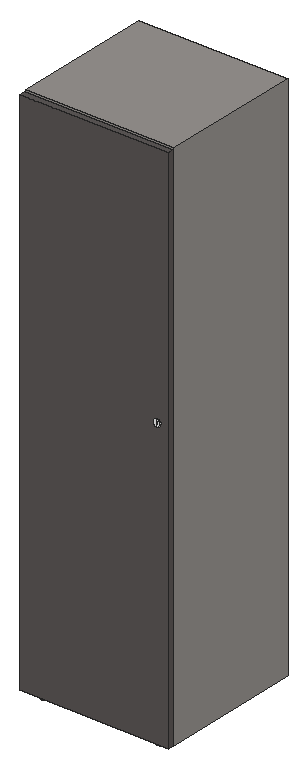
Revit family "Storage-Freestanding-Teknion-BFRL_Full_Solid_Door_Tower-R2018", category Furniture, Revit 2018
Family settings
  OmniClass Number = 23.40.70.14.64.21
  OmniClass Title = Systems Furniture
  Work Plane-Based = No
  Always vertical = Yes
  Cut with Voids When Loaded = No
  Shared = Yes
  Room Calculation Point = No
Parameters (values of type "18"w x 66"h")
  Warranty = "http://www.teknion.com/ca/papers/legal-canada"
  Wardrobe [instance] = not(or(Shelves, File Drawers and Shelves))  # no
  To render please download texture images found here [instance] = "https://assets.teknion.com/web/5e81352c1dfdb467/revit-material-swatches/"
  Shelves [instance] = yes
  Unit Weight URL = "http://www.teknion.com/pricing/expansion-casegoods/pdfs/wv.pdf"
  URL = "http://www.teknion.com/"
  Top Shelf Height Offset [instance] = if(Height = 66.000", 14.906", 16.986")  # 14.906"
  Sustainability Data = "http://www.teknion.com/about-teknion/environment/datasheets.asp"
  Series = "Expansion Casegoods"  # constant formula
  Product Page URL = "http://www.teknion.com/ca/products/product-details?productlineid=0053336e-8e7a-673b-a6c8-ff00004460c4"
  Product Line = "Expansion Casegoods"  # constant formula
  Product Documentation Link = "http://www.teknion.com/pricing/expansion-casegoods/pdfs/BFRL_ppg.pdf"
  Part Number = "BFRL"  # constant formula
  Note [instance] = "Available Depths are 18 and 24 inches."  # constant formula
  Model = "BFRL___1866_"
  Middle Shelf Visibility [instance] = or(File Drawers and Shelves, Shelves)  # yes
  Middle Shelf Height Offset [instance] = if(Height = 66.000", 14.846", 16.927")  # 14.846"
  Manufacturer Phone = "416-661-3370"
  Manufacturer Fax = "416.661.4586"
  Manufacturer Contact Information = "http://www.teknion.com/ca/contactus"
  Manufacturer Address = "1150 Flint Road, Toronto, ON. M3J 2J5. Canada"
  Manufacturer = "Teknion"  # constant formula
  Lock Height Offset [instance] = if(Height = 72.000", 33.722", 29.561")  # 29.561"
  How to Add Texture Images to your Revit Project [instance] = "https://assets.teknion.com/m/205dd0a49fa58060/original/How-to-add-a-Material-Library-and-Texture-Images-to-your-Revit-project.pdf"
  Height = 66.000"
  For Additional Finishes please visit [instance] = "https://assets.teknion.com/m/44a8009b046e5d47/original/Teknion_Materials_Library.zip"
  File Drawers and Shelves [instance] = no
  Door Front Finish [instance] = Veneer - Teknion - VB - Flintwood - Black Walnut
  Description = "Freestanding Tower with Full Solid Door, 18\"w, 66\"h"
  Depth [instance] = 18.000"
  Configurations Note [instance] = "Please select one of the following."  # constant formula
  Case Finish [instance] = Source Laminate - Teknion - DE - Latte
  Bottom Shelf Visibility [instance] = or(Shelves)  # yes
  Assembly Code = "E2020200"
  Actual Height = if(Height = 66.000", 65.165", 71.406")  # 65.165"
  Actual Depth [instance] = if(Depth = 18.000", 17.161", 23.161")  # 17.161"
Types (2): name | Top Shelf Height Offset | Model | Middle Shelf Height Offset | Lock Height Offset | Height | Description | Actual Height
  18"w x 66"h | 14.906" | "BFRL___1866_" | 14.846" | 29.561" | 66.000" | "Freestanding Tower with Full Solid Door, 18\"w, 66\"h" | 65.165"
  18"w x 72"h | 16.986" | "BFRL___1872_" | 16.927" | 33.722" | 72.000" | "Freestanding Tower with Full Solid Door, 18\"w, 72\"h" | 71.406"
Reference planes (in)
  plane 1 "Center F/B": y = 0.37429
  plane 2: z = 0
  plane 3 "Center L/R": x = 0
  plane 4 "Left": x = -8.955
  plane 5 "Right": x = 8.955
  plane 6 "Back": y = 8.95479
  plane 7 "Front": y = -8.20621
  plane 8 "Top": z = 65.165
  plane 9: z = 32.5825
  plane 10: y = -8.344
  plane 11: y = -9.04479
  plane 12: x = -8.25421
  plane 13: z = 2.49213
  plane 14: x = 8.25421
  plane 15: z = 64.46421
  plane 16: y = 8.254
  plane 17: z = 49.55821
  plane 18: z = 48.85743
  plane 19: z = 33.66096
  plane 20: z = 32.96017
  plane 21: z = 18.11417
  plane 22: z = 17.41339
Forms (in)
  Sweep 1, solid, material "Source Laminate - Teknion - DE - Latte" <- "Case Finish"
    path origin (0, 0.37429, 0) x (1, 0, 0) y (0, 0, 1)
      loop
        line (0, 0.60236) -> (0, 65.165)
    profile origin (0, 0.37429, 32.88368) x (-1, 0, 0) y (0, -1, 0)
      loop
        line (8.955, -8.5805) -> (8.955, 8.5805) -> (-8.955, 8.5805) -> (-8.955, -8.5805) -> (8.955, -8.5805)
  Sweep 2, solid, material "Metal - Teknion - C6 - Chrome"
    path origin (0, -9, 0) x (1, 0, 0) y (0, 0, 1)
      loop
        line (0, 0.60236) -> (0, 0)
    profile origin (0, -9, 0.30118) x (0, -1, 0) y (1, 0, 0)
      loop
        circle (-1.34556, -6.99292) r 0.5
      loop
        circle (-1.34556, 6.99292) r 0.5
      loop
        circle (-16.65862, -6.99292) r 0.5
      loop
        circle (-16.65862, 6.99292) r 0.5
  Extrusion 3, solid, material "Veneer - Teknion - VB - Flintwood - Black Walnut" <- "Door Front Finish"
    sketch origin (-8.955, -9.04479, 48) x (-1, 0, 0) y (0, 0, 1)
      loop
        line (0, -47.27953) -> (0, 17.04689) -> (-17.91, 17.04689) -> (-17.91, -47.27953) -> (0, -47.27953)
    from 0 to 0.70079
  Extrusion 4, void
    sketch origin (-8.955, -8.344, 48) x (1, 0, 0) y (0, 0, 1)
      loop
        line (0.70079, -45.50787) -> (17.20921, -45.50787) -> (17.20921, 16.46421) -> (0.70079, 16.46421) -> (0.70079, -45.50787)
    from -16.59801 to -0.1378
  Extrusion 5, solid, material "Source Laminate - Teknion - DE - Latte" <- "Case Finish"
    sketch origin (-8.955, -8.344, 48) x (-1, 0, 0) y (0, 0, 1)
      loop
        line (-17.20921, 1.55821) -> (-17.20921, 0.85743) -> (-0.70079, 0.85743) -> (-0.70079, 1.55821) -> (-17.20921, 1.55821)
    from 0.1378 to 16.59801
  Extrusion 6, solid, material "Source Laminate - Teknion - DE - Latte" <- "Case Finish", visible <- "Middle Shelf Visibility"
    sketch origin (-15.16421, -8.344, 31.00849) x (-1, 0, 0) y (0, 0, 1)
      loop
        line (-23.41843, 2.65247) -> (-23.41843, 1.95168) -> (-6.91, 1.95168) -> (-6.91, 2.65247) -> (-23.41843, 2.65247)
    from 0.1378 to 16.59801
  Extrusion 7, solid, material "Source Laminate - Teknion - DE - Latte" <- "Case Finish", visible <- "Bottom Shelf Visibility"
    sketch origin (-8.955, -8.344, 16.55496) x (-1, 0, 0) y (0, 0, 1)
      loop
        line (-17.20921, 1.55921) -> (-17.20921, 0.85843) -> (-0.70079, 0.85843) -> (-0.70079, 1.55921) -> (-17.20921, 1.55921)
    from 0.1378 to 16.59801
  Extrusion 8, solid, material "Mica - Teknion - V - Satin - Very White"
    sketch origin (-8.5613, -9.04479, 48) x (-1, 0, 0) y (0, 0, 1)
      loop
        line (-16.22693, -12.396) -> (-16.22693, -12.77002) -> (-16.1285, -12.77002) -> (-16.1285, -12.396) -> (-16.22693, -12.396)
      loop
        circle (-16.17772, -12.58301) r 0.4
    from 0 to -0.05906
  Extrusion 9, solid, material "Mica - Teknion - V - Satin - Very White", visible <- "File Drawers and Shelves"
    sketch origin (-8.5613, -9.18589, 48) x (-1, 0, 0) y (0, 0, 1)
      loop
        line (-0.30709, -30.58661) -> (-0.30709, -18.58661) -> (-16.81551, -18.58661) -> (-16.81551, -30.58661) -> (-0.30709, -30.58661)
      loop
        line (-0.30709, -44.08661) -> (-0.30709, -32.08661) -> (-16.81551, -32.08661) -> (-16.81551, -44.08661) -> (-0.30709, -44.08661)
    from 0.97969 to 1.68069
Cuts and joins
  Extrusion 4 cuts Sweep 1
Lines and regions (in)
  Masking region 1
    outline origin (0, 0, 65.165) x (-1, 0, 0) y (0, -1, 0)
      loop
        line (8.955, -8.95479) -> (8.955, 8.20621) -> (-8.955, 8.20621) -> (-8.955, -8.95479) -> (8.955, -8.95479)
  Masking region 2
    outline origin (0, 0, 0) x (1, 0, 0) y (0, 1, 0)
      loop
        line (-8.955, -8.344) -> (-8.955, -9.04479) -> (8.955, -9.04479) -> (8.955, -8.344) -> (-8.955, -8.344)
  symbolic lines, style "FurnitureHiddenLines"
    curve 1: line (8.89594, 0.37429, 65.04689) -> (-8.89595, 0.37429, 32.5825)
    curve 2: line (-8.89595, 0.37429, 32.5825) -> (8.89594, 0.37429, 1.5748)
  symbolic lines, style "FurnitureHiddenLines", detail levels medium+fine
    curve 3: line (8.5613, -8.344, 0) -> (8.5613, -9.04479, 0)
    curve 15: line (8.25421, 8.254, 0) -> (-8.25421, 8.254, 0)
    curve 16: line (8.25421, -8.20621, 0) -> (8.25421, 8.254, 0)
    curve 17: line (-8.25421, 8.254, 0) -> (-8.25421, -8.20621, 0)
  symbolic lines, style "FurnitureHiddenLines", detail levels fine
    curve 4: line (7.21642, -9.10385, 0) -> (8.01642, -9.10385, 0)
    curve 5: line (8.01642, -9.10385, 0) -> (8.01642, -9.04479, 0)
    curve 6: line (7.21642, -9.10385, 0) -> (7.21642, -9.04479, 0)
    curve 7: arc (-6.99292, -8.15444, 0) -> (-6.49292, -7.65444, 0) -> (-6.99292, -7.15444, 0) r 0.5
    curve 8: arc (-6.99292, -7.15444, 0) -> (-7.49292, -7.65444, 0) -> (-6.99292, -8.15444, 0) r 0.5
    curve 9: arc (6.99292, -8.15444, 0) -> (7.49292, -7.65444, 0) -> (6.99292, -7.15444, 0) r 0.5
    curve 10: arc (6.99292, -7.15444, 0) -> (6.49292, -7.65444, 0) -> (6.99292, -8.15444, 0) r 0.5
    curve 11: arc (6.99292, 7.15862, 0) -> (7.49292, 7.65862, 0) -> (6.99292, 8.15862, 0) r 0.5
    curve 12: arc (6.99292, 8.15862, 0) -> (6.49292, 7.65862, 0) -> (6.99292, 7.15862, 0) r 0.5
    curve 13: arc (-6.99292, 7.15862, 0) -> (-6.49292, 7.65862, 0) -> (-6.99292, 8.15862, 0) r 0.5
    curve 14: arc (-6.99292, 8.15862, 0) -> (-7.49292, 7.65862, 0) -> (-6.99292, 7.15862, 0) r 0.5
  symbolic lines, style "FurnitureHiddenLines", visible <- "File Drawers and Shelves", detail levels fine
    curve 18: line (8.25421, -7.50521, 0) -> (-8.25421, -7.50521, 0)
Dimensions and locks (in)
  equal spacing: plane 4 "Left", plane 3 "Center L/R", plane 5 "Right"
  locked: plane 4 "Left" to plane 5 "Right" at 17.91
  equal spacing: plane 6 "Back", plane 1 "Center F/B", plane 7 "Front"
  "Actual Height": plane 8 "Top" to plane 2
  locked: Sweep 1 sketch curve to plane 2 at 0.60236
  locked: plane 4 "Left" to Sweep 2 sketch curve at 1.96208  (x2)
  locked: plane 7 "Front" to Sweep 2 sketch curve at 0.55177  (x2)
  locked: Sweep 2 sketch curve to plane 2 at 0.60236
  equal spacing: plane 8 "Top", plane 9, plane 2
  locked: plane 6 "Back" to Sweep 2 sketch curve at 1.29617  (x2)
  locked: Sweep 2 sketch curve to plane 5 "Right" at 1.96208  (x2)
  locked: plane 7 "Front" to plane 10 at 0.1378
  locked: plane 10 to plane 11 at 0.70079
  locked: Extrusion 3 sketch curve to plane 2 at 0.72047
  locked: plane 8 "Top" to plane 15 at 0.70079
  locked: plane 12 to plane 4 "Left" at 0.70079
  locked: plane 14 to plane 5 "Right" at 0.70079
  locked: plane 13 to plane 2 at 2.49213
  locked: plane 6 "Back" to plane 16 at 0.70079
  locked: plane 17 to plane 18 at 0.70079
  locked: plane 19 to plane 20 at 0.70079
  "Middle Shelf Height Offset": plane 20 to plane 21
  locked: plane 21 to plane 22 at 0.70079
  locked: plane 22 to plane 13 at 14.92126
  "Top Shelf Height Offset": plane 15 to plane 17
  Extrusion 8 sketch curve to Extrusion 8 sketch curve to Extrusion 8 sketch curve = 0.18701" locked, 0.18701" locked
  "Lock Height Offset": plane 8 "Top" to Extrusion 8 sketch curve
  "Actual Depth": plane 6 "Back" to plane 7 "Front"
  curve 6 to curve 5 to plane 5 "Right" = 0.800" locked, 0.93858" locked
  locked: plane 8 "Top" to Extrusion 3 sketch curve at 0.11811
  locked: Extrusion 8 to plane 11 at 0.05906
  locked: Extrusion 9 sketch curve to plane 2 at 3.91339
  locked: plane 22 to Extrusion 9 sketch curve at 1.5
  locked: plane 20 to Extrusion 9 sketch curve at 3.54679
  locked: Extrusion 9 to plane 7 "Front" at 0.701
  aligned and locked: level to plane 2
  aligned and locked: Masking region 1 sketch curve to plane 5 "Right"
  aligned and locked: plane 4 "Left" to Masking region 1 sketch curve
  aligned and locked: plane 8 "Top" to Sweep 1 sketch curve
  aligned and locked: plane 3 "Center L/R" to Sweep 1 sketch curve
  aligned and locked: plane 4 "Left" to Sweep 1 sketch curve
  aligned and locked: Sweep 1 sketch curve to plane 5 "Right"
  aligned and locked: plane 2 to Sweep 2 sketch curve
  aligned and locked: nested 1 to plane 3 "Center L/R"
  aligned and locked: nested 1 to plane 7 "Front"
  aligned and locked: plane 9 to curve 2
  aligned and locked: Masking region 1 sketch curve to Sweep 1  (x2)
  aligned and locked: plane 4 "Left" to Extrusion 3 sketch curve
  aligned and locked: plane 10 to Extrusion 3
  aligned and locked: Extrusion 3 to plane 11
  aligned and locked: Extrusion 3 sketch curve to plane 5 "Right"
  aligned and locked: Extrusion 4 sketch curve to plane 13
  aligned and locked: Extrusion 4 sketch curve to plane 12
  aligned and locked: Extrusion 4 sketch curve to plane 15
  aligned and locked: plane 14 to Extrusion 4 sketch curve
  aligned and locked: plane 16 to Extrusion 4
  aligned and locked: plane 7 "Front" to Extrusion 4
  aligned and locked: plane 17 to Extrusion 5 sketch curve
  aligned and locked: plane 18 to Extrusion 5 sketch curve
  aligned and locked: plane 12 to Extrusion 5 sketch curve
  aligned and locked: Extrusion 5 sketch curve to plane 14
  aligned and locked: plane 16 to Extrusion 5
  aligned and locked: Extrusion 6 to plane 19
  aligned and locked: plane 20 to Extrusion 6
  aligned and locked: Extrusion 7 to plane 21
  aligned and locked: plane 22 to Extrusion 7
  aligned and locked: Extrusion 7 to plane 12
  aligned and locked: Extrusion 7 to plane 14
  aligned and locked: Extrusion 6 to plane 12
  aligned and locked: Extrusion 6 to plane 14
  aligned and locked: Sweep 1 sketch curve to plane 6 "Back"
  aligned and locked: Sweep 1 sketch curve to plane 7 "Front"
  aligned and locked: plane 16 to Extrusion 6
  aligned and locked: plane 16 to Extrusion 7
  aligned and locked: Masking region 2 sketch curve to plane 4 "Left"
  aligned and locked: Masking region 2 sketch curve to plane 10
  aligned and locked: Masking region 2 sketch curve to plane 11
  aligned and locked: plane 5 "Right" to Masking region 2 sketch curve
  aligned and locked: curve 4 to Extrusion 8
  aligned and locked: curve 7 to Sweep 2
  aligned and locked: curve 8 to Sweep 2
  aligned and locked: curve 9 to Sweep 2
  aligned and locked: curve 10 to Sweep 2
  aligned and locked: curve 11 to Sweep 2
  aligned and locked: curve 12 to Sweep 2
  aligned and locked: curve 13 to Sweep 2
  aligned and locked: curve 14 to Sweep 2
  aligned and locked: plane 7 "Front" to Extrusion 5
  aligned and locked: plane 7 "Front" to Extrusion 6
  aligned and locked: plane 7 "Front" to Extrusion 7
  aligned and locked: plane 11 to Extrusion 8
  aligned and locked: plane 22 to Extrusion 9 sketch curve
  aligned and locked: Extrusion 9 sketch curve to plane 14  (x2)
  aligned and locked: Extrusion 9 sketch curve to plane 12  (x2)
  aligned and locked: plane 7 "Front" to Extrusion 9
Automatic sketch dimensions
  plane 4 "Left" to curve 1 = 0.05905"
  curve 2 to plane 5 "Right" = 0.05906"
  curve 1 to plane 5 "Right" = 0.05906"
  curve 2 to plane 13 = 0.91732"
  curve 1 to plane 8 "Top" = 0.11811"
  Sweep 2 sketch curve to plane 3 "Center L/R" = 0.000"
  Extrusion 6 sketch curve to plane 14 = 0.000"
  Extrusion 6 sketch curve to plane 12 = 0.000"
  plane 20 to Extrusion 6 sketch curve = 0.000"
  Extrusion 6 sketch curve to plane 19 = 0.000"
  Extrusion 7 sketch curve to plane 14 = 0.000"
  Extrusion 7 sketch curve to plane 12 = 0.000"
  plane 22 to Extrusion 7 sketch curve = 0.000"
  Extrusion 7 sketch curve to plane 21 = 0.000"
  plane 14 to Extrusion 8 sketch curve = 0.58858"
  Extrusion 8 sketch curve to Extrusion 8 sketch curve = 0.04921"
  Extrusion 8 sketch curve to Extrusion 8 sketch curve = 0.09843"
  curve 3 to plane 11 = 0.000"
  curve 3 to plane 10 = 0.000"
  plane 7 "Front" to curve 16 = 0.000"
  plane 7 "Front" to curve 17 = 0.000"
  curve 17 to plane 12 = 0.000"
  curve 15 to plane 14 = 0.000"
  curve 16 to plane 16 = 0.000"
  curve 3 to plane 14 = 0.30709"
  curve 4 to curve 6 = 0.05906"
  curve 4 to curve 5 = 0.05906"
  curve 18 to plane 7 "Front" = 0.701"
  radius of Sweep 2 sketch curve = 0.500"  (x4)
  radius of Extrusion 8 sketch curve = 0.400"
Nested families (in)
  nested 1: "Door-Swing_Symbol-Teknion-2D" at (0, -8.20621, 0) x (-1, 0, 0) z (0, 0, 1), type "Door-Swing_Symbol-Teknion-2D", detail levels fine
Definition of nested family "Door-Swing_Symbol-Teknion-2D"
  Parameters
    Swing Width = 26.000"
  Reference planes (in)
    plane 1 "Center (Front/Back)": y = 0
    plane 2: z = 0
    plane 3 "Center (Left/Right)": x = 0
    plane 4: x = -13
    plane 5: x = 13
  Lines and regions (in)
    detail lines, in view "Ref. Level"
      curve 1: line (13, 0, 0) -> (13, -26, 0)
      curve 2: arc (-13, 0, 0) -> (-5.38478, -18.38478, 0) -> (13, -26, 0) r 26
  Dimensions and locks (in)
    equal spacing: plane 4, plane 3 "Center (Left/Right)", plane 5
    "Swing Width": plane 4 to plane 5
    "Swing Width": curve 1 to plane 1 "Center (Front/Back)"
    "Swing Width": radius of curve 2
    aligned and locked: plane 1 "Center (Front/Back)" to curve 1
  Automatic sketch dimensions
    curve 2 to plane 4 = 0.000"
